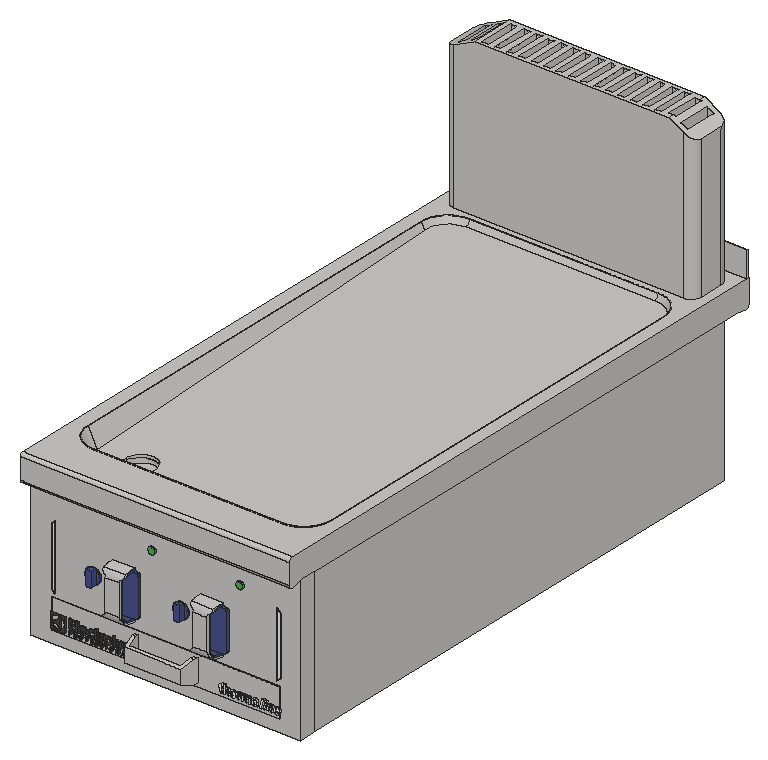
Revit family "QF_ELECTROLUXPROFESSIONAL_593107_MBHMBBDOVO", category Specialty Equipment, Revit 2014
Parameters
  Weight in Pounds = 487.22
  URL Cutsheet = ""
  Type Mark [instance] = ""
  Specification by User [instance] = ""
  Specification by Manufacturer = ""
  Serial Number = ""
  Seismic Rating = ""
  SMACNA No = ""
  Revision Code [instance] = ""
  Omniclass Number and Title = ""
  NAFEM Spec ID Number = ""
  Model = "588557"
  Masterspec = ""
  Manufacturer = "Electrolux Professional"
  Item Number [instance] = ""
  Installed By [instance] = ""
  Identify Quantity as Lot [instance] = yes
  Furnished By [instance] = ""
  Foodservice Equipment Identifier [instance] = yes
  Description = ""
  CSI MasterFormat = ""
  CSI Master Format = ""
Reference planes
  plane 1 "BACK": y = 0
  plane 2: z = 0
  plane 3 "LEFT": x = 0
  plane 4 "RIGHT": x = 400
  plane 5 "FRONT": y = -850
  plane 6 "TOP": z = 900
  plane 7 "Center (Left/Right)": x = 200
  plane 8: y = -425
  plane 9: y = -150
  plane 10: y = -65
  plane 11: y = -790
  plane 12 "GASy": y = -540
  plane 13: z = 938
  plane 14 "BaseTop": z = 650
  plane 15: y = -805
  plane 16 "Camino": y = -50
  plane 17 "GASx": x = 364
  plane 18: z = 1131
Forms (mm)
  Extrusion 1, solid, material "QF_Finishes_Stainless Steel"
    sketch origin (-178.969, -4572, 100) x (-1, 0, 0) y (0, -1, 0)
      loop
        line (-178.969, -4527) -> (-178.969, -3767) -> (-578.969, -3767) -> (-578.969, -4527) -> (-178.969, -4527)
    from 550 to 762.969
  Extrusion 2, solid, material "QF_Finishes_Stainless Steel"
    sketch origin (200, 296.4, 1219.2) x (0, 1, 0) y (0, 0, 1)
      loop
        line (-296.4, -319.2) -> (-1141.4, -319.2)
        arc (-1141.4, -319.2) -> (-1144.935, -320.664) -> (-1146.4, -324.2) r 5
        line (-1146.4, -324.2) -> (-1146.4, -355.2)
        arc (-1146.4, -355.2) -> (-1144.971, -358.264) -> (-1141.705, -359.139) r 4
        line (-1141.705, -359.139) -> (-1126.4, -356.231) -> (-316.4, -356.231) -> (-301.094, -359.139)
        arc (-301.094, -359.139) -> (-297.829, -358.264) -> (-296.4, -355.2) r 4
        line (-296.4, -355.2) -> (-296.4, -319.2)
    from -200 to 200
  Extrusion 3, void
    sketch origin (0, 0, 900) x (-1, 0, 0) y (0, -1, 0)
      loop
        arc (-60, 92) -> (-31.716, 103.716) -> (-20, 132) r 40
        line (-20, 132) -> (-20, 750)
        arc (-20, 750) -> (-31.716, 778.284) -> (-60, 790) r 40
        line (-60, 790) -> (-340, 790)
        arc (-340, 790) -> (-368.284, 778.284) -> (-380, 750) r 40
        line (-380, 750) -> (-380, 132)
        arc (-380, 132) -> (-368.284, 103.716) -> (-340, 92) r 40
        line (-340, 92) -> (-60, 92)
    from 0 to -30
  Extrusion 4, solid, material "QF_Finishes_Stainless Steel"
    sketch origin (200, 296.4, 1219.2) x (0, 1, 0) y (0, 0, 1)
      loop
        line (-296.4, -319.2) -> (-296.4, -281.2) -> (-298.4, -281.2) -> (-298.4, -319.2) -> (-296.4, -319.2)
    from 200 to -200
  Extrusion 5, solid, material "QF_Finishes_Stainless Steel"
    sketch origin (0, 0, 650) x (-1, 0, 0) y (0, -1, 0)
      loop
        circle (-364, 540) r 10.1
    from 0 to -10
  Sweep 6, solid, material "QF_Finishes_Stainless Steel"
    path origin (0, 0, 900) x (-1, 0, 0) y (0, -1, 0)
      loop
        line (-20, 132) -> (-20, 750)
        arc (-20, 750) -> (-31.716, 778.284) -> (-60, 790) r 40
        line (-60, 790) -> (-340, 790)
        arc (-340, 790) -> (-368.284, 778.284) -> (-380, 750) r 40
        line (-380, 750) -> (-380, 132)
        arc (-380, 132) -> (-368.284, 103.716) -> (-340, 92) r 40
        line (-340, 92) -> (-60, 92)
        arc (-60, 92) -> (-31.716, 103.716) -> (-20, 132) r 40
    profile origin (20, -441, 900) x (1, 0, 0) y (0, 0, 1)
      loop
        line (0, 0) -> (0, -30) -> (15, -30) -> (0, 0)
  Extrusion 7, solid, material "QF_Finishes_Stainless Steel"
    sketch origin (0, -50, 900) x (1, 0, 0) y (0, 0, 1)
      loop
        line (15, 0) -> (385, 0) -> (385, 209.869) -> (348.685, 231) -> (60.315, 231) -> (15, 209.869) -> (15, 0)
    from 33 to -33
  Extrusion 8, void
    sketch origin (0, 0, 900) x (-1, 0, 0) y (0, -1, 0)
      loop
        line (-30.312, 74) -> (-40.312, 74) -> (-40.312, 26) -> (-30.312, 26) -> (-30.312, 74)
      loop
        line (-48.547, 74) -> (-58.547, 74) -> (-58.547, 26) -> (-48.547, 26) -> (-48.547, 74)
      loop
        line (-76.781, 77) -> (-76.781, 23) -> (-66.781, 23) -> (-66.781, 77) -> (-76.781, 77)
      loop
        line (-95.015, 77) -> (-95.015, 23) -> (-85.015, 23) -> (-85.015, 77) -> (-95.015, 77)
      loop
        line (-113.25, 77) -> (-113.25, 23) -> (-103.25, 23) -> (-103.25, 77) -> (-113.25, 77)
      loop
        line (-131.484, 77) -> (-131.484, 23) -> (-121.484, 23) -> (-121.484, 77) -> (-131.484, 77)
      loop
        line (-149.719, 77) -> (-149.719, 23) -> (-139.719, 23) -> (-139.719, 77) -> (-149.719, 77)
      loop
        line (-167.953, 77) -> (-167.953, 23) -> (-157.953, 23) -> (-157.953, 77) -> (-167.953, 77)
      loop
        line (-186.187, 77) -> (-186.187, 23) -> (-176.187, 23) -> (-176.187, 77) -> (-186.187, 77)
      loop
        line (-205, 77) -> (-205, 23) -> (-195, 23) -> (-195, 77) -> (-205, 77)
      loop
        arc (-15, 32) -> (-19.393, 21.393) -> (-30, 17) r 15
        line (-30, 17) -> (-15, 17) -> (-15, 32)
      loop
        arc (-30, 83) -> (-19.393, 78.607) -> (-15, 68) r 15
        line (-15, 68) -> (-15, 83) -> (-30, 83)
      loop
        line (-369.688, 74) -> (-369.688, 26) -> (-359.688, 26) -> (-359.688, 74) -> (-369.688, 74)
      loop
        line (-351.453, 74) -> (-351.453, 26) -> (-341.453, 26) -> (-341.453, 74) -> (-351.453, 74)
      loop
        line (-323.219, 77) -> (-333.219, 77) -> (-333.219, 23) -> (-323.219, 23) -> (-323.219, 77)
      loop
        line (-304.985, 77) -> (-314.985, 77) -> (-314.985, 23) -> (-304.985, 23) -> (-304.985, 77)
      loop
        line (-286.75, 77) -> (-296.75, 77) -> (-296.75, 23) -> (-286.75, 23) -> (-286.75, 77)
      loop
        line (-268.516, 77) -> (-278.516, 77) -> (-278.516, 23) -> (-268.516, 23) -> (-268.516, 77)
      loop
        line (-250.281, 77) -> (-260.281, 77) -> (-260.281, 23) -> (-250.281, 23) -> (-250.281, 77)
      loop
        line (-232.047, 77) -> (-242.047, 77) -> (-242.047, 23) -> (-232.047, 23) -> (-232.047, 77)
      loop
        line (-213.813, 77) -> (-223.813, 77) -> (-223.813, 23) -> (-213.813, 23) -> (-213.813, 77)
      loop
        line (-385, 32) -> (-385, 17) -> (-370, 17)
        arc (-370, 17) -> (-380.607, 21.393) -> (-385, 32) r 15
      loop
        line (-370, 83) -> (-385, 83) -> (-385, 68)
        arc (-385, 68) -> (-380.607, 78.607) -> (-370, 83) r 15
    from 0 to 250
  Extrusion 9, solid, material "QF_Finishes_Stainless Steel"
    sketch origin (200, 296.4, 1219.2) x (0, 1, 0) y (0, 0, 1)
      loop
        line (-388.4, -349.2) -> (-388.4, -328.08) -> (-1086.4, -347.499) -> (-1086.4, -349.2) -> (-388.4, -349.2)
    from 180 to -180
  Extrusion 10, void
    sketch origin (0, 0, 900) x (-1, 0, 0) y (0, -1, 0)
      loop
        circle (-95, 746) r 22.248
    from -19.96 to -30
  Extrusion 11, void
    sketch origin (0, 0, 900) x (-1, 0, 0) y (0, -1, 0)
      loop
        circle (-95, 746) r 22.248
    from 0 to -37.031
Cuts and joins
  Extrusion 3, Extrusion 8, Extrusion 11 cuts Extrusion 2
  Extrusion 8 cuts Extrusion 7
  Extrusion 10 cuts Extrusion 9
  joined: Sweep 6, Extrusion 9
Lines and regions (mm)
  symbolic lines
    curve 1: line (0, 0, 100) -> (400, 0, 100)
    curve 2: line (0, -850, 100) -> (0, 0, 100)
    curve 3: line (400, -850, 100) -> (0, -850, 100)
    curve 4: line (400, 0, 100) -> (400, -850, 100)
    curve 5: line (0, -2, 0) -> (400, -2, 0)
    curve 6: line (338.029, -92, 0) -> (60.29, -92, 0)
    curve 7: line (60.29, -790, 0) -> (338.029, -790, 0)
    curve 8: line (60, -107, 900) -> (340, -107, 900)
    curve 9: line (340, -775, 900) -> (60, -775, 900)
    curve 10: arc (365, -750, 900) -> (357.678, -767.678, 900) -> (340, -775, 900) r 25
    curve 11: line (365, -132, 900) -> (365, -750, 900)
    curve 12: arc (340, -107, 900) -> (357.678, -114.322, 900) -> (365, -132, 900) r 25
    curve 13: circle (95, -746, 900) r 22.248 normal (0, 0, 1)
    curve 14: arc (85.5, -112.483, 900) -> (57.314, -124.096, 900) -> (45.5, -152.198, 900) r 39.994
    curve 15: line (85.5, -112.482, 900) -> (314.5, -112.482, 900)
    curve 16: line (45.5, -667.082, 900) -> (45.5, -152.198, 900)
    curve 17: arc (45.5, -667.082, 900) -> (57.314, -695.184, 900) -> (85.5, -706.797, 900) r 39.994
    curve 18: line (313.507, -706.798, 900) -> (85.5, -706.798, 900)
    curve 19: line (35.29, -708.526, 900) -> (365, -708.526, 900)
    curve 20: line (35.29, -718.526, 900) -> (365, -718.526, 900)
    curve 21: arc (60, -92, 900) -> (31.716, -103.716, 900) -> (20, -132, 900) r 40
    curve 22: line (20, -132, 900) -> (20, -750, 900)
    curve 23: arc (20, -750, 900) -> (31.716, -778.284, 900) -> (60, -790, 900) r 40
    curve 24: arc (340, -790, 900) -> (368.284, -778.284, 900) -> (380, -750, 900) r 40
    curve 25: line (380, -750, 900) -> (380, -132, 900)
    curve 26: arc (380, -132, 900) -> (368.284, -103.716, 900) -> (340, -92, 900) r 40
    curve 27: arc (313.5, -112.483, 900) -> (341.686, -124.096, 900) -> (353.5, -152.198, 900) r 39.994
    curve 28: line (353.5, -667.082, 900) -> (353.5, -152.198, 900)
    curve 29: arc (353.5, -667.082, 900) -> (341.688, -695.181, 900) -> (313.507, -706.797, 900) r 39.994
    curve 30: arc (60, -775, 900) -> (42.322, -767.678, 900) -> (35, -750, 900) r 25
    curve 31: line (35, -750, 900) -> (35, -132, 900)
    curve 32: arc (35, -132, 900) -> (42.322, -114.322, 900) -> (60, -107, 900) r 25
    curve 33: line (370, -17, 650) -> (30.102, -17, 650)
    curve 34: line (30.312, -74.008, 650) -> (40.312, -74.008, 650)
    curve 35: line (48.547, -74.008, 650) -> (58.547, -74.008, 650)
    curve 36: line (48.547, -26.022, 650) -> (48.547, -74.008, 650)
    curve 37: line (58.547, -26.022, 650) -> (48.547, -26.022, 650)
    curve 38: line (58.547, -74.008, 650) -> (58.547, -26.022, 650)
    curve 39: line (66.781, -23, 650) -> (66.781, -77.008, 650)
    curve 40: line (66.781, -23, 650) -> (76.781, -23, 650)
    curve 41: line (76.781, -23, 650) -> (76.781, -77.008, 650)
    curve 42: line (76.781, -77.008, 650) -> (66.781, -77.008, 650)
    curve 43: line (85.015, -23, 650) -> (85.015, -77.008, 650)
    curve 44: line (85.015, -23, 650) -> (95.015, -23, 650)
    curve 45: line (95.015, -23, 650) -> (95.015, -77.008, 650)
    curve 46: line (95.015, -77.008, 650) -> (85.015, -77.008, 650)
    curve 47: line (103.25, -23, 650) -> (103.25, -77.008, 650)
    curve 48: line (103.25, -23, 650) -> (113.25, -23, 650)
    curve 49: line (113.25, -23, 650) -> (113.25, -77.008, 650)
    curve 50: line (113.25, -77.008, 650) -> (103.25, -77.008, 650)
    curve 51: line (121.484, -23, 650) -> (121.484, -77.008, 650)
    curve 52: line (121.484, -23, 650) -> (131.484, -23, 650)
    curve 53: line (131.484, -23, 650) -> (131.484, -77.008, 650)
    curve 54: line (131.484, -77.008, 650) -> (121.484, -77.008, 650)
    curve 55: line (139.719, -23, 650) -> (139.719, -77.008, 650)
    curve 56: line (139.719, -23, 650) -> (149.719, -23, 650)
    curve 57: line (149.719, -23, 650) -> (149.719, -77.008, 650)
    curve 58: line (149.719, -77.008, 650) -> (139.719, -77.008, 650)
    curve 59: line (157.953, -23, 650) -> (157.953, -77.008, 650)
    curve 60: line (157.953, -23, 650) -> (167.953, -23, 650)
    curve 61: line (167.953, -23, 650) -> (167.953, -77.008, 650)
    curve 62: line (167.953, -77.008, 650) -> (157.953, -77.008, 650)
    curve 63: line (176.187, -23, 650) -> (176.187, -77.008, 650)
    curve 64: line (176.187, -23, 650) -> (186.187, -23, 650)
    curve 65: line (186.187, -23, 650) -> (186.187, -77.008, 650)
    curve 66: line (186.187, -77.008, 650) -> (176.187, -77.008, 650)
    curve 67: line (195, -23, 650) -> (195, -77.008, 650)
    curve 68: line (195, -23, 650) -> (205, -23, 650)
    curve 69: line (205, -23, 650) -> (205, -77.008, 650)
    curve 70: line (205, -77.008, 650) -> (195, -77.008, 650)
    curve 71: arc (15, -32, 900) -> (19.393, -21.393, 900) -> (30, -17, 900) r 15
    curve 72: line (15, -32, 900) -> (15, -68, 900)
    curve 73: arc (30, -83, 900) -> (19.393, -78.607, 900) -> (15, -68, 900) r 15
    curve 74: line (30, -83, 900) -> (370, -83, 900)
    curve 75: arc (385, -68, 900) -> (380.607, -78.607, 900) -> (370, -83, 900) r 15
    curve 76: line (385, -68, 900) -> (385, -32, 900)
    curve 77: arc (370, -17, 900) -> (380.607, -21.393, 900) -> (385, -32, 900) r 15
    curve 78: line (30.312, -26.022, 650) -> (30.312, -74.008, 650)
    curve 79: line (40.312, -26.022, 650) -> (30.312, -26.022, 650)
    curve 80: line (40.312, -74.008, 650) -> (40.312, -26.022, 650)
    curve 81: line (369.688, -74.008, 650) -> (359.688, -74.008, 650)
    curve 82: line (351.453, -74.008, 650) -> (341.453, -74.008, 650)
    curve 83: line (351.453, -26.022, 650) -> (351.453, -74.008, 650)
    curve 84: line (341.453, -26.022, 650) -> (351.453, -26.022, 650)
    curve 85: line (341.453, -74.008, 650) -> (341.453, -26.022, 650)
    curve 86: line (333.219, -23, 650) -> (333.219, -77.008, 650)
    curve 87: line (333.219, -23, 650) -> (323.219, -23, 650)
    curve 88: line (323.219, -23, 650) -> (323.219, -77.008, 650)
    curve 89: line (323.219, -77.008, 650) -> (333.219, -77.008, 650)
    curve 90: line (314.985, -23, 650) -> (314.985, -77.008, 650)
    curve 91: line (314.985, -23, 650) -> (304.985, -23, 650)
    curve 92: line (304.985, -23, 650) -> (304.985, -77.008, 650)
    curve 93: line (304.985, -77.008, 650) -> (314.985, -77.008, 650)
    curve 94: line (296.75, -23, 650) -> (296.75, -77.008, 650)
    curve 95: line (296.75, -23, 650) -> (286.75, -23, 650)
    curve 96: line (286.75, -23, 650) -> (286.75, -77.008, 650)
    curve 97: line (286.75, -77.008, 650) -> (296.75, -77.008, 650)
    curve 98: line (278.516, -23, 650) -> (278.516, -77.008, 650)
    curve 99: line (278.516, -23, 650) -> (268.516, -23, 650)
    curve 100: line (268.516, -23, 650) -> (268.516, -77.008, 650)
    curve 101: line (268.516, -77.008, 650) -> (278.516, -77.008, 650)
    curve 102: line (260.281, -23, 650) -> (260.281, -77.008, 650)
    curve 103: line (260.281, -23, 650) -> (250.281, -23, 650)
    curve 104: line (250.281, -23, 650) -> (250.281, -77.008, 650)
    curve 105: line (250.281, -77.008, 650) -> (260.281, -77.008, 650)
    curve 106: line (242.047, -23, 650) -> (242.047, -77.008, 650)
    curve 107: line (242.047, -23, 650) -> (232.047, -23, 650)
    curve 108: line (232.047, -23, 650) -> (232.047, -77.008, 650)
    curve 109: line (232.047, -77.008, 650) -> (242.047, -77.008, 650)
    curve 110: line (223.813, -23, 650) -> (223.813, -77.008, 650)
    curve 111: line (223.813, -23, 650) -> (213.813, -23, 650)
    curve 112: line (213.813, -23, 650) -> (213.813, -77.008, 650)
    curve 113: line (213.813, -77.008, 650) -> (223.813, -77.008, 650)
    curve 114: line (369.688, -26.022, 650) -> (369.688, -74.008, 650)
    curve 115: line (359.688, -26.022, 650) -> (369.688, -26.022, 650)
    curve 116: line (359.688, -74.008, 650) -> (359.688, -26.022, 650)
Dimensions and locks
  plane 3 "LEFT" to plane 4 "RIGHT" = 400 mm
  locked: plane 5 "FRONT" to plane 1 "BACK" at 850
  plane 3 "LEFT" to plane 7 "Center (Left/Right)" to plane 4 "RIGHT" = 200 mm, 200 mm
  equal spacing: plane 5 "FRONT", plane 8, plane 1 "BACK"
  plane 6 "TOP" to level = 900 mm  (x2)
  plane 1 "BACK" to plane 9 = 150 mm
  plane 12 "GASy" to plane 1 "BACK" = 540 mm
  plane 13 to plane 6 "TOP" = 38 mm
  plane 10 to plane 1 "BACK" = 65 mm
  plane 5 "FRONT" to plane 11 = 60 mm
  locked: plane 6 "TOP" to plane 14 "BaseTop" at 250
  locked: plane 15 to plane 5 "FRONT" at 45
  plane 16 "Camino" to plane 1 "BACK" = 50 mm
  plane 17 "GASx" to plane 4 "RIGHT" = 36 mm
  plane 18 to plane 6 "TOP" = 231 mm
  aligned and locked: level to plane 2
  aligned and locked: cut or joined group of Extrusion 2, Extrusion 3, Extrusion 8, Extrusion 11 to plane 3 "LEFT"
  aligned and locked: cut or joined group of Extrusion 2, Extrusion 3, Extrusion 8, Extrusion 11 to plane 4 "RIGHT"
  aligned and locked: nested 1 to plane 15
  aligned and locked: Extrusion 1 to plane 15
  aligned and locked: Extrusion 4 to plane 3 "LEFT"
  aligned and locked: Extrusion 4 to plane 4 "RIGHT"
  aligned and locked: plane 3 "LEFT" to nested 1
Automatic sketch dimensions
  curve 5 to plane 3 "LEFT" = 0 mm
  plane 11 to curve 7 = 0 mm
  curve 5 to plane 4 "RIGHT" = 0 mm
  plane 10 to curve 6 = 27 mm
  plane 3 "LEFT" to curve 6 = 60.29 mm
  plane 3 "LEFT" to curve 7 = 60.29 mm
  curve 6 to plane 17 "GASx" = 25.971 mm
  curve 7 to plane 17 "GASx" = 25.971 mm
  plane 1 "BACK" to curve 5 = 2 mm
  Extrusion 1 sketch curve to plane 4 "RIGHT" = 0 mm
  Extrusion 1 sketch curve to plane 3 "LEFT" = 0 mm
  Extrusion 1 sketch curve to plane 15 = 0 mm
  Extrusion 1 sketch curve to plane 16 "Camino" = 5 mm
  plane 1 "BACK" to curve 1 = 0 mm
  curve 1 to plane 4 "RIGHT" = 0 mm
  curve 3 to plane 3 "LEFT" = 0 mm
  plane 5 "FRONT" to curve 3 = 0 mm
  Extrusion 2 sketch curve to plane 5 "FRONT" = 0 mm
  Extrusion 2 sketch curve to plane 6 "TOP" = 0 mm
  Extrusion 2 sketch curve to plane 1 "BACK" = 0 mm
  Extrusion 2 sketch curve to Extrusion 2 sketch curve = 4 mm
  Extrusion 2 sketch curve to Extrusion 2 sketch curve = 0.695 mm
  Extrusion 2 sketch curve to plane 5 "FRONT" = 5 mm
  Extrusion 2 sketch curve to Extrusion 2 sketch curve = 15.305 mm
  plane 1 "BACK" to Extrusion 2 sketch curve = 20 mm
  plane 1 "BACK" to Extrusion 2 sketch curve = 4.695 mm
  plane 1 "BACK" to Extrusion 2 sketch curve = 4 mm
  Extrusion 2 sketch curve to Extrusion 2 sketch curve = 31 mm
  Extrusion 2 sketch curve to Extrusion 2 sketch curve = 36 mm
  Extrusion 2 sketch curve to Extrusion 2 sketch curve = 2.909 mm
  plane 11 to Extrusion 3 sketch curve = 0 mm
  plane 17 "GASx" to Extrusion 3 sketch curve = 16 mm
  Extrusion 3 sketch curve to plane 17 "GASx" = 24 mm  (x2)
  plane 3 "LEFT" to Extrusion 3 sketch curve = 60 mm  (x2)
  plane 9 to Extrusion 3 sketch curve = 18 mm
  plane 3 "LEFT" to Extrusion 3 sketch curve = 20 mm
  curve 10 to curve 24 = 0 mm  (x2)
  curve 12 to curve 26 = 0 mm  (x2)
  curve 21 to curve 32 = 0 mm  (x2)
  curve 23 to curve 30 = 0 mm  (x2)
  plane 11 to curve 24 = 0 mm
  plane 11 to curve 23 = 0 mm
  plane 4 "RIGHT" to curve 76 = 15 mm
  plane 17 "GASx" to curve 25 = 16 mm
  plane 17 "GASx" to curve 77 = 6 mm
  plane 10 to curve 75 = 3 mm
  plane 17 "GASx" to curve 75 = 6 mm
  plane 17 "GASx" to curve 11 = 1 mm
  curve 28 to plane 9 = 2.198 mm
  curve 28 to plane 17 "GASx" = 10.5 mm
  curve 10 to plane 17 "GASx" = 24 mm
  plane 9 to curve 26 = 18 mm
  curve 26 to plane 17 "GASx" = 24 mm
  curve 28 to curve 29 = 39.993 mm
  curve 27 to plane 9 = 2.477 mm
  curve 12 to curve 27 = 26.493 mm
  curve 13 to plane 11 = 44 mm
  plane 3 "LEFT" to curve 13 = 95 mm
  curve 14 to plane 9 = 2.477 mm
  plane 3 "LEFT" to curve 14 = 85.493 mm
  curve 17 to plane 12 "GASy" = 126.803 mm
  plane 3 "LEFT" to curve 17 = 85.493 mm
  curve 14 to curve 21 = 25.493 mm
  curve 13 to curve 23 = 35 mm
  curve 17 to curve 16 = 39.993 mm
  plane 9 to curve 31 = 18 mm
  plane 10 to curve 73 = 3 mm
  plane 3 "LEFT" to curve 73 = 30 mm
  curve 71 to curve 72 = 15 mm
  curve 71 to plane 16 "Camino" = 18 mm
  curve 76 to plane 16 "Camino" = 18 mm
  curve 16 to plane 9 = 2.198 mm
  curve 29 to plane 12 "GASy" = 126.803 mm
  curve 16 to plane 12 "GASy" = 127.082 mm
  curve 28 to plane 12 "GASy" = 127.082 mm
  curve 8 to curve 15 = 25.5 mm
  curve 18 to curve 29 = 0 mm
  curve 15 to curve 27 = 1 mm
  curve 18 to curve 17 = 0.007 mm
  curve 15 to curve 32 = 25.5 mm
  curve 15 to curve 14 = 0 mm
  curve 18 to curve 17 = 0 mm
  plane 3 "LEFT" to curve 19 = 35.29 mm
  curve 20 to curve 19 = 0 mm
  curve 15 to curve 27 = 0.001 mm
  curve 29 to curve 18 = 0.001 mm
  curve 19 to curve 30 = 41.474 mm
  curve 19 to curve 20 = 10 mm
  Extrusion 4 sketch curve to plane 6 "TOP" = 0 mm
  Extrusion 4 sketch curve to plane 13 = 0 mm
  Extrusion 4 sketch curve to plane 1 "BACK" = 0 mm
  Extrusion 4 sketch curve to Extrusion 4 sketch curve = 2 mm
  Extrusion 5 sketch curve to plane 12 "GASy" = 0 mm
  Extrusion 5 sketch curve to plane 17 "GASx" = 0 mm
  plane 11 to Sweep 6 sketch curve = 0 mm
  plane 17 "GASx" to Sweep 6 sketch curve = 16 mm
  Sweep 6 sketch curve to plane 17 "GASx" = 24 mm  (x2)
  plane 3 "LEFT" to Sweep 6 sketch curve = 60 mm  (x2)
  plane 10 to Sweep 6 sketch curve = 27 mm
  plane 3 "LEFT" to Sweep 6 sketch curve = 20 mm
  profile plane to Sweep 6 sketch curve = 0 mm
  Sweep 6 sketch curve to plane 6 "TOP" = 0 mm
  Sweep 6 sketch curve to profile plane = 15 mm
  Sweep 6 sketch curve to plane 6 "TOP" = 30 mm
  Extrusion 7 sketch curve to plane 6 "TOP" = 0 mm
  Extrusion 7 sketch curve to plane 18 = 0 mm
  plane 3 "LEFT" to Extrusion 7 sketch curve = 15 mm
  Extrusion 7 sketch curve to Extrusion 7 sketch curve = 45.315 mm
  Extrusion 7 sketch curve to plane 17 "GASx" = 15.315 mm
  plane 4 "RIGHT" to Extrusion 7 sketch curve = 15 mm
  Extrusion 7 sketch curve to plane 18 = 21.131 mm  (x2)
  plane 17 "GASx" to curve 115 = 5.688 mm
  curve 81 to plane 17 "GASx" = 4.312 mm
  curve 115 to curve 84 = 8.234 mm
  curve 83 to curve 84 = 10 mm
  curve 84 to curve 86 = 8.234 mm
  curve 86 to curve 88 = 10 mm
  curve 88 to curve 90 = 8.234 mm
  curve 90 to curve 92 = 10 mm
  curve 92 to curve 94 = 8.234 mm
  curve 94 to curve 95 = 10 mm
  curve 96 to curve 98 = 8.234 mm
  curve 98 to curve 100 = 10 mm
  curve 99 to curve 102 = 8.234 mm
  curve 102 to curve 104 = 10 mm
  curve 104 to curve 106 = 8.234 mm
  curve 106 to curve 108 = 10 mm
  curve 108 to curve 110 = 8.234 mm
  curve 110 to curve 112 = 10 mm
  plane 7 "Center (Left/Right)" to curve 70 = 5 mm
  curve 67 to plane 7 "Center (Left/Right)" = 5 mm
  curve 67 to curve 65 = 8.813 mm
  curve 64 to curve 63 = 10 mm
  curve 63 to curve 62 = 8.234 mm
  curve 61 to curve 62 = 10 mm
  curve 59 to curve 57 = 8.234 mm
  curve 57 to curve 58 = 10 mm
  curve 55 to curve 52 = 8.234 mm
  curve 52 to curve 51 = 10 mm
  curve 51 to curve 49 = 8.234 mm
  curve 48 to curve 48 = 10 mm
  curve 47 to curve 45 = 8.234 mm
  curve 45 to curve 46 = 10 mm
  curve 43 to curve 41 = 8.234 mm
  curve 41 to curve 42 = 10 mm
  curve 39 to curve 38 = 8.234 mm
  curve 35 to curve 36 = 10 mm
  curve 36 to curve 79 = 8.234 mm
  curve 79 to curve 78 = 10 mm
  plane 1 "BACK" to curve 68 = 23 mm
  curve 68 to curve 112 = 0 mm
  curve 65 to curve 67 = 0 mm  (x2)
  plane 1 "BACK" to curve 86 = 23 mm
  plane 1 "BACK" to curve 39 = 23 mm
  curve 110 to curve 108 = 0 mm  (x2)
  curve 40 to curve 43 = 0 mm
  curve 106 to curve 104 = 0 mm  (x2)
  curve 44 to curve 47 = 0 mm
  curve 102 to curve 100 = 0 mm  (x2)
  curve 48 to curve 51 = 0 mm
  curve 98 to curve 96 = 0 mm  (x2)
  curve 52 to curve 55 = 0 mm
  curve 94 to curve 92 = 0 mm  (x2)
  curve 56 to curve 59 = 0 mm
  curve 39 to curve 37 = 3.022 mm
  curve 86 to curve 85 = 3.022 mm
  curve 83 to curve 114 = 0 mm
  curve 80 to curve 36 = 0 mm
  plane 10 to curve 78 = 9.008 mm
  plane 10 to curve 81 = 9.008 mm
  curve 82 to curve 81 = 0 mm
  curve 34 to curve 35 = 0 mm
  plane 10 to curve 62 = 12.008 mm
  plane 10 to curve 88 = 12.008 mm
  curve 90 to curve 88 = 0 mm
  plane 10 to curve 58 = 12.008 mm
  plane 10 to curve 54 = 12.008 mm
  plane 10 to curve 50 = 12.008 mm
  plane 10 to curve 46 = 12.008 mm
  curve 35 to curve 42 = 3 mm
  curve 61 to curve 63 = 0 mm
  plane 17 "GASx" to curve 33 = 6 mm
  curve 78 to curve 33 = 0.21 mm
  curve 33 to curve 114 = 9.022 mm
  plane 4 "RIGHT" to Extrusion 8 sketch curve = 15 mm  (x2)
  plane 10 to Extrusion 8 sketch curve = 3 mm  (x2)
  plane 17 "GASx" to Extrusion 8 sketch curve = 6 mm  (x2)
  plane 17 "GASx" to Extrusion 8 sketch curve = 5.688 mm
  Extrusion 8 sketch curve to plane 17 "GASx" = 4.312 mm
  Extrusion 8 sketch curve to Extrusion 8 sketch curve = 8.234 mm  (x16)
  Extrusion 8 sketch curve to Extrusion 8 sketch curve = 10 mm  (x17)
  plane 7 "Center (Left/Right)" to Extrusion 8 sketch curve = 5 mm
  Extrusion 8 sketch curve to plane 7 "Center (Left/Right)" = 5 mm
  Extrusion 8 sketch curve to Extrusion 8 sketch curve = 8.813 mm
  Extrusion 8 sketch curve to Extrusion 8 sketch curve = 0.312 mm  (x2)
  plane 3 "LEFT" to Extrusion 8 sketch curve = 15 mm  (x2)
  Extrusion 8 sketch curve to plane 16 "Camino" = 18 mm  (x2)
  Extrusion 8 sketch curve to Extrusion 8 sketch curve = 6 mm  (x4)
  Extrusion 8 sketch curve to Extrusion 8 sketch curve = 0 mm  (x21)
  plane 1 "BACK" to Extrusion 8 sketch curve = 23 mm  (x3)
  plane 10 to Extrusion 8 sketch curve = 9 mm
  plane 10 to Extrusion 8 sketch curve = 12 mm  (x8)
  Extrusion 8 sketch curve to Extrusion 8 sketch curve = 3 mm
  Extrusion 10 sketch curve to plane 11 = 44 mm
  plane 3 "LEFT" to Extrusion 10 sketch curve = 95 mm
  Extrusion 11 sketch curve to plane 11 = 44 mm
  plane 3 "LEFT" to Extrusion 11 sketch curve = 95 mm
  Extrusion 9 sketch curve to plane 11 = 0 mm
  plane 10 to Extrusion 9 sketch curve = 27 mm
  Extrusion 9 sketch curve to plane 6 "TOP" = 30 mm
  Extrusion 9 sketch curve to plane 6 "TOP" = 8.88 mm
  Extrusion 9 sketch curve to Extrusion 9 sketch curve = 1.701 mm
  radius of curve 13 = 22.248 mm
  radius of Extrusion 5 sketch curve = 10.1 mm
  radius of Extrusion 10 sketch curve = 22.248 mm
  radius of Extrusion 11 sketch curve = 22.248 mm
Nested families
  nested 1: "Front_Panel_W400_Two Knobs_2Spie_Manop" at (52.376, -805, 0), type "Front_Panel_W400_Two Knobs_2Spie_Manop"
Connectors
  piping at (364, -540, 640), diameter 12.7
    settings: on Extrusion 5, index 1, connector inside diameter 24", connector length 0 mm, flow factor 0, pipe flow 0 GPM, pressure drop 0.00 psi, fitting loss kfactor 0, connector angle 0.00°, fixture units 0, engagement length 0 mm, angle of deflection 0.00°, flow configuration 1, flow direction 1, fitting loss method 0, system type 7, joint type 0, gender type 0, connector reference index -1, connector utility 0, adjustable connector no, is connector primary yes, connector description "Gas connection"
Definition of nested family "Front_Panel_W400_Two Knobs_2Spie_Manop"
  Reference planes
    plane 1 "Center (Front/Back)": y = 0
    plane 2: z = 0
    plane 3 "Center (Left/Right)": x = 147.624
    plane 4 "Left": x = -52.376
    plane 5 "Right": x = 347.624
    plane 6: y = -45
    plane 7: x = 107.624
    plane 8: y = -310
    plane 9 "Panel": y = -25
    plane 10: x = 317.624
    plane 11: x = -22.376
  Forms (mm)
    Extrusion 1, solid, material "QF_Finishes_Stainless Steel"
      sketch origin (833.217, 829.203, -1.25) x (0, 1, 0) y (0, 0, 1)
        loop
          line (-854.203, 651.25) -> (-829.203, 651.25) -> (-829.203, 864.25) -> (-854.203, 864.25) -> (-854.203, 651.25)
      from -885.593 to -485.593
    Extrusion 2, void
      sketch origin (0, -25, -10) x (0, 0, 1) y (-1, 0, 0)
        loop
          line (731.866, -317.624) -> (818.866, -317.624) -> (823.866, -312.624) -> (726.866, -312.624) -> (731.866, -317.624)
        loop
          line (731.866, 22.376) -> (726.866, 17.376) -> (823.866, 17.376) -> (818.866, 22.376) -> (731.866, 22.376)
      from 0 to -2
    Extrusion 3, void
      sketch origin (0, 0, 0) x (1, 0, 0) y (0, 0, 1)
        loop
          line (-22.376, 711.866) -> (-22.376, 666.866) -> (317.624, 666.866) -> (317.624, 711.866) -> (-22.376, 711.866)
      from 19.387 to 25
    Extrusion 4, solid, material "QF_Finishes_Stainless Steel"
      sketch origin (0, 0, 0) x (1, 0, 0) y (0, 0, 1)
        loop
          line (-21.376, 710.866) -> (-21.376, 667.866) -> (316.624, 667.866) -> (316.624, 710.866) -> (-21.376, 710.866)
      from 19.387 to 25
    Extrusion 5, solid, material "QF_Finishes_Stainless Steel"
      sketch origin (0, 0, 0) x (1, 0, 0) y (0, 1, 0)
        loop
          line (106.059, -25) -> (100.966, -25) -> (105.646, -49.075) -> (189.603, -49.075) -> (194.283, -25) -> (189.189, -25) -> (185.481, -44.075) -> (109.767, -44.075) -> (106.059, -25)
      from 672.593 to 705.67
    Extrusion 6, void
      sketch origin (147.624, 0, 0) x (0, 1, 0) y (0, 0, 1)
        loop
          line (-30, 705.67) -> (-30, 710.67) -> (-56.744, 710.67) -> (-56.744, 667.593) -> (-30, 667.593) -> (-30, 672.593) -> (-53.776, 680.318) -> (-53.776, 697.945) -> (-30, 705.67)
      from -50 to 50
    Extrusion 7, solid, material "QF_Door-Drawer Clearances", detail levels coarse
      sketch origin (0, -265, 0) x (1, 0, 0) y (0, 1, 0)
        loop
          line (106.164, -71.744) -> (189.084, -71.744) -> (194.283, -45) -> (316.624, -45) -> (316.624, 240) -> (-21.376, 240) -> (-21.376, -45) -> (100.966, -45) -> (106.164, -71.744)
      from 672.593 to 705.67
    Extrusion 8, void
      sketch origin (147.624, -280, 0) x (0, 1, 0) y (0, 0, 1)
        loop
          line (-30, 705.67) -> (-30, 710.67) -> (-56.744, 710.67) -> (-56.744, 667.593) -> (-30, 667.593) -> (-30, 672.593) -> (-53.776, 680.318) -> (-53.776, 697.945) -> (-30, 705.67)
      from -50 to 50
    Extrusion 9, solid, material "QF_Finishes_Green"
      sketch origin (160, -25, 1.163) x (0, 0, 1) y (-1, 0, 0)
        loop
          circle (824.337, 32.376) r 5
      from 0 to 1.7
    Extrusion 10, solid, material "QF_Finishes_White"
      sketch origin (0, -25, -10) x (0, 0, 1) y (-1, 0, 0)
        loop
          line (726.866, -312.624) -> (731.866, -317.624) -> (818.866, -317.624) -> (823.866, -312.624) -> (726.866, -312.624)
        loop
          line (726.866, 17.376) -> (823.866, 17.376) -> (818.866, 22.376) -> (731.866, 22.376) -> (726.866, 17.376)
      from 0 to -2
    Extrusion 11, solid, material "QF_Finishes_Green"
      sketch origin (290.724, -25, 1.163) x (0, 0, 1) y (-1, 0, 0)
        loop
          circle (824.337, 32.376) r 5
      from 0 to 1.7
    Extrusion 12, solid, material "QF_Finishes_Electrolux Cyan"
      sketch origin (0, -25, 0) x (0, 0, 1) y (-1, 0, 0)
        loop
          circle (761.979, -41.048) r 11.5
      from 1.492 to 2.716
    Extrusion 13, solid, material "QF_Finishes_Stainless Steel"
      sketch origin (0.059, -25, 0.001) x (0, 0, 1) y (-1, 0, 0)
        loop
          circle (761.978, -40.989) r 8.098
      from 0 to 1.492
    Extrusion 14, solid, material "QF_Finishes_Electrolux Cyan"
      sketch origin (0, -25, 0) x (0, 0, 1) y (-1, 0, 0)
        loop
          arc (772.562, -45.548) -> (773.479, -41.048) -> (772.562, -36.548) r 11.5
          line (772.562, -36.548) -> (751.396, -36.548)
          arc (751.396, -36.548) -> (750.479, -41.048) -> (751.396, -45.548) r 11.5
          line (751.396, -45.548) -> (772.562, -45.548)
      from 1.492 to 10
    Extrusion 15, solid, material "QF_Finishes_Electrolux Cyan"
      sketch origin (0, -25, 0) x (0, 0, 1) y (-1, 0, 0)
        loop
          circle (761.979, -171.771) r 11.5
      from 1.492 to 2.716
    Extrusion 16, solid, material "QF_Finishes_Stainless Steel"
      sketch origin (130.782, -25, 0.001) x (0, 0, 1) y (-1, 0, 0)
        loop
          circle (761.978, -40.989) r 8.098
      from 0 to 1.492
    Extrusion 17, solid, material "QF_Finishes_Electrolux Cyan"
      sketch origin (0, -25, 0) x (0, 0, 1) y (-1, 0, 0)
        loop
          arc (772.562, -176.271) -> (773.479, -171.771) -> (772.562, -167.271) r 11.5
          line (772.562, -167.271) -> (751.396, -167.271)
          arc (751.396, -167.271) -> (750.479, -171.771) -> (751.396, -176.271) r 11.5
          line (751.396, -176.271) -> (772.562, -176.271)
      from 1.492 to 10
  Cuts and joins
    Extrusion 2, Extrusion 3 cuts Extrusion 1
    Extrusion 6, Extrusion 8 cuts Extrusion 5
    Extrusion 8 cuts Extrusion 7
  Lines and regions (mm)
    symbolic lines, style "SpecialityEquipmentHiddenLines"
      curve 1: line (31.124, -45, 0) -> (31.124, -310, 0)
      curve 2: line (31.124, -310, 0) -> (269.124, -310, 0)
      curve 3: line (100.966, -310, 0) -> (105.646, -334.075, 0)
      curve 4: line (105.646, -334.075, 0) -> (189.603, -334.075, 0)
      curve 5: line (189.603, -334.075, 0) -> (194.283, -310, 0)
      curve 6: line (269.124, -310, 0) -> (269.124, -45, 0)
      curve 7: line (31.124, -300, 0) -> (269.124, -300, 0)
      curve 8: line (106.059, -310, 0) -> (109.767, -329.075, 0)
      curve 9: line (109.767, -329.075, 0) -> (185.481, -329.075, 0)
      curve 10: line (185.481, -329.075, 0) -> (189.189, -310, 0)
  Dimensions and locks
    equal spacing: plane 5 "Right", plane 3 "Center (Left/Right)", plane 4 "Left"
    plane 5 "Right" to plane 4 "Left" = 400 mm
    plane 3 "Center (Left/Right)" to plane 7 = 40 mm
    plane 6 to plane 8 = 265 mm
    plane 11 to plane 4 "Left" = 30 mm
    plane 5 "Right" to plane 10 = 30 mm
    aligned and locked: cut or joined group of Extrusion 1, Extrusion 2, Extrusion 3 to plane 4 "Left"
    aligned and locked: plane 5 "Right" to cut or joined group of Extrusion 1, Extrusion 2, Extrusion 3
  Automatic sketch dimensions
    plane 6 to curve 1 = 0 mm
    curve 1 to plane 8 = 0 mm
    plane 6 to curve 6 = 0 mm
    plane 11 to curve 1 = 53.5 mm
    curve 3 to plane 7 = 1.979 mm
    plane 7 to curve 8 = 2.143 mm
    plane 3 "Center (Left/Right)" to curve 10 = 37.857 mm
    curve 9 to curve 5 = 4.122 mm
    curve 2 to plane 10 = 48.5 mm
    curve 9 to plane 8 = 19.075 mm
    curve 5 to curve 9 = 5 mm
    curve 3 to plane 7 = 6.658 mm
    curve 8 to plane 7 = 1.565 mm
    curve 9 to curve 10 = 3.708 mm
    curve 10 to curve 5 = 5.094 mm
    plane 8 to curve 7 = 10 mm
    Extrusion 1 sketch curve to plane 9 "Panel" = 0 mm
    Extrusion 1 sketch curve to plane 1 "Center (Front/Back)" = 0 mm
    level to Extrusion 1 sketch curve = 650 mm
    Extrusion 1 sketch curve to Extrusion 1 sketch curve = 213 mm
    Extrusion 2 sketch curve to plane 10 = 0 mm
    Extrusion 2 sketch curve to plane 11 = 0 mm
    plane 11 to Extrusion 2 sketch curve = 5 mm
    level to Extrusion 2 sketch curve = 716.866 mm
    Extrusion 2 sketch curve to plane 10 = 5 mm
    Extrusion 2 sketch curve to Extrusion 2 sketch curve = 0 mm
    Extrusion 2 sketch curve to Extrusion 2 sketch curve = 5 mm  (x4)
    Extrusion 2 sketch curve to Extrusion 2 sketch curve = 87 mm  (x2)
    Extrusion 3 sketch curve to plane 11 = 0 mm
    Extrusion 3 sketch curve to plane 10 = 0 mm
    level to Extrusion 3 sketch curve = 666.866 mm
    Extrusion 3 sketch curve to Extrusion 3 sketch curve = 45 mm
    plane 11 to Extrusion 4 sketch curve = 1 mm
    Extrusion 4 sketch curve to plane 10 = 1 mm
    level to Extrusion 4 sketch curve = 667.866 mm
    Extrusion 4 sketch curve to Extrusion 4 sketch curve = 43 mm
    plane 9 "Panel" to Extrusion 5 sketch curve = 0 mm  (x2)
    Extrusion 5 sketch curve to plane 7 = 6.658 mm
    Extrusion 5 sketch curve to plane 7 = 1.979 mm
    Extrusion 5 sketch curve to plane 7 = 1.565 mm
    Extrusion 5 sketch curve to plane 6 = 0.925 mm
    plane 7 to Extrusion 5 sketch curve = 2.143 mm
    plane 3 "Center (Left/Right)" to Extrusion 5 sketch curve = 37.857 mm
    Extrusion 5 sketch curve to Extrusion 5 sketch curve = 3.708 mm
    Extrusion 5 sketch curve to Extrusion 5 sketch curve = 4.122 mm
    Extrusion 5 sketch curve to Extrusion 5 sketch curve = 5.094 mm
    plane 6 to Extrusion 5 sketch curve = 4.075 mm
    plane 6 to Extrusion 6 sketch curve = 11.744 mm
    plane 6 to Extrusion 6 sketch curve = 8.776 mm
    plane 9 "Panel" to Extrusion 6 sketch curve = 5 mm  (x2)
    level to Extrusion 6 sketch curve = 667.593 mm
    Extrusion 6 sketch curve to Extrusion 6 sketch curve = 5 mm
    Extrusion 6 sketch curve to Extrusion 6 sketch curve = 12.725 mm  (x2)
    Extrusion 6 sketch curve to Extrusion 6 sketch curve = 17.627 mm
    Extrusion 6 sketch curve to Extrusion 6 sketch curve = 7.725 mm
    plane 9 "Panel" to Extrusion 7 sketch curve = 0 mm
    Extrusion 7 sketch curve to plane 8 = 0 mm  (x2)
    plane 11 to Extrusion 7 sketch curve = 1 mm
    Extrusion 7 sketch curve to plane 7 = 6.658 mm
    Extrusion 7 sketch curve to plane 7 = 1.46 mm
    plane 3 "Center (Left/Right)" to Extrusion 7 sketch curve = 41.46 mm
    Extrusion 7 sketch curve to Extrusion 7 sketch curve = 5.199 mm
    Extrusion 7 sketch curve to plane 10 = 1 mm
    Extrusion 7 sketch curve to plane 8 = 26.744 mm
    Extrusion 8 sketch curve to plane 8 = 0 mm  (x2)
    Extrusion 8 sketch curve to plane 8 = 23.776 mm
    Extrusion 8 sketch curve to Extrusion 8 sketch curve = 2.968 mm
    level to Extrusion 8 sketch curve = 667.593 mm
    Extrusion 8 sketch curve to Extrusion 8 sketch curve = 5 mm
    Extrusion 8 sketch curve to Extrusion 8 sketch curve = 12.725 mm  (x2)
    Extrusion 8 sketch curve to Extrusion 8 sketch curve = 17.627 mm
    Extrusion 8 sketch curve to Extrusion 8 sketch curve = 7.725 mm
    Extrusion 9 sketch curve to plane 3 "Center (Left/Right)" = 20 mm
    level to Extrusion 9 sketch curve = 825.5 mm
    Extrusion 10 sketch curve to plane 10 = 0 mm
    Extrusion 10 sketch curve to plane 11 = 0 mm
    Extrusion 10 sketch curve to plane 10 = 5 mm
    level to Extrusion 10 sketch curve = 716.866 mm
    plane 11 to Extrusion 10 sketch curve = 5 mm
    Extrusion 10 sketch curve to Extrusion 10 sketch curve = 0 mm
    Extrusion 10 sketch curve to Extrusion 10 sketch curve = 5 mm  (x4)
    Extrusion 10 sketch curve to Extrusion 10 sketch curve = 87 mm  (x2)
    Extrusion 11 sketch curve to plane 10 = 59.276 mm
    level to Extrusion 11 sketch curve = 825.5 mm
    plane 11 to Extrusion 13 sketch curve = 63.424 mm
    level to Extrusion 13 sketch curve = 761.979 mm
    plane 3 "Center (Left/Right)" to Extrusion 16 sketch curve = 24.147 mm
    level to Extrusion 16 sketch curve = 761.979 mm
    plane 11 to Extrusion 12 sketch curve = 63.424 mm
    level to Extrusion 12 sketch curve = 761.979 mm
    Extrusion 14 sketch curve to Extrusion 14 sketch curve = 0 mm  (x3)
    plane 11 to Extrusion 14 sketch curve = 58.924 mm
    level to Extrusion 14 sketch curve = 751.396 mm
    Extrusion 14 sketch curve to Extrusion 14 sketch curve = 10.583 mm  (x2)
    Extrusion 14 sketch curve to Extrusion 14 sketch curve = 4.5 mm
    plane 3 "Center (Left/Right)" to Extrusion 15 sketch curve = 24.147 mm
    level to Extrusion 15 sketch curve = 761.979 mm
    Extrusion 17 sketch curve to Extrusion 17 sketch curve = 0 mm  (x3)
    plane 3 "Center (Left/Right)" to Extrusion 17 sketch curve = 19.647 mm
    level to Extrusion 17 sketch curve = 751.396 mm
    Extrusion 17 sketch curve to Extrusion 17 sketch curve = 10.583 mm  (x2)
    Extrusion 17 sketch curve to Extrusion 17 sketch curve = 4.5 mm
    radius of Extrusion 9 sketch curve = 5 mm
    radius of Extrusion 11 sketch curve = 5 mm
    radius of Extrusion 13 sketch curve = 8.098 mm
    radius of Extrusion 16 sketch curve = 8.098 mm
    radius of Extrusion 12 sketch curve = 11.5 mm
    radius of Extrusion 15 sketch curve = 11.5 mm
  Nested families
    nested 1: "Range Control Handle" at (87.624, -28.137, -209.113) x (-1, 0, 0) z (0, 0, 1), type "Range Control Handle"
    nested 2: "Range Control Handle" at (217.624, -28.137, -209.113), type "Range Control Handle"
    nested 3: "ELX_ThermaLine_Small" at (269.031, -25, 679.342) x (1, 0, 0) z (0, -1, 0), type "ELX_ThermaLine_Small"
      with Show Logo yes, Material_Logo QF_Finishes_Black
    nested 4: "ELX_Professional_Logo_Small" at (37.11, -25, 681.575) x (1, 0, 0) z (0, -1, 0), type "ELX_Professional_Logo_Small"
      with Show Logo yes, Material_Logo QF_Finishes_Black
  Definition of nested family "Range Control Handle"
    Reference planes
      plane 1 "Center (Front/Back)": y = 0
      plane 2: z = 0
      plane 3 "Center (Left/Right)": x = 0
      plane 4: z = 971.092
      plane 5: y = -16.9
    Forms (mm)
      Extrusion 1, solid, material "QF_Finishes_Electrolux Cyan"
        sketch origin (-746.28, 380.497, 208.931) x (-1, 0, 0) y (0, 0, 1)
          loop
            line (-770.101, 786.798) -> (-770.101, 731.649)
            arc (-770.101, 731.649) -> (-769.759, 730.563) -> (-768.855, 729.87) r 1.893
            line (-768.855, 729.87) -> (-763.474, 727.911) -> (-729.81, 727.911) -> (-724.428, 729.87)
            arc (-724.428, 729.87) -> (-723.525, 730.563) -> (-723.183, 731.649) r 1.893
            line (-723.183, 731.649) -> (-723.183, 786.798)
            arc (-723.183, 786.798) -> (-723.529, 787.894) -> (-724.44, 788.593) r 1.91
            line (-724.44, 788.593) -> (-729.683, 790.819) -> (-763.601, 790.819) -> (-768.844, 788.593)
            arc (-768.844, 788.593) -> (-769.755, 787.894) -> (-770.101, 786.798) r 1.91
        from -382.35 to -378.852
      Sweep 2, solid, material "QF_Finishes_Electrolux Cyan"
        path origin (-746.788, 380.496, 208.091) x (0, -1, 0) y (0, 0, 1)
          loop
            line (379.775, 793.281) -> (395.661, 791.048)
            arc (395.661, 791.048) -> (397.781, 787.377) -> (398.517, 783.202) r 12.207
            line (398.517, 783.202) -> (398.517, 737.368)
            arc (398.517, 737.368) -> (397.781, 733.193) -> (395.661, 729.522) r 12.207
            line (395.661, 729.522) -> (379.775, 727.289)
        profile origin (-746.788, -7.222, 1000.256) x (0, -0.139173, 0.990268) y (-1, 0, 0)
          loop
            line (0.782, -763.123) -> (0.782, -730.907) -> (-1.322, -730.907) -> (-1.322, -763.123) -> (0.782, -763.123)
      Sweep 3, solid, material "QF_Finishes_Stainless Steel"
        path origin (-746.788, 380.715, 207.832) x (0, -1, 0) y (0, 0, 1)
          loop
            line (380.478, 795.442) -> (397.218, 793.09)
            arc (397.218, 793.09) -> (399.929, 788.473) -> (400.871, 783.202) r 15.207
            line (400.871, 783.202) -> (400.871, 737.584)
            arc (400.871, 737.584) -> (399.914, 732.274) -> (397.164, 727.633) r 15.207
            line (397.164, 727.633) -> (380.601, 725.305)
        profile origin (-746.788, -8.132, 1002.099) x (0, -0.139173, 0.990268) y (-1, 0, 0)
          loop
            line (0.782, -763.123) -> (0.782, -730.907) -> (-1.322, -730.907) -> (-1.322, -763.123) -> (0.782, -763.123)
      Extrusion 4, void
        sketch origin (889.253, 220.666, 207.993) x (1, 0, 0) y (0, 0, 1)
          loop
            line (-943.038, 816.854) -> (-943.038, 703.686) -> (-899.466, 734.196) -> (-899.466, 786.344) -> (-943.038, 816.854)
        from 230.636 to 242.25
      Extrusion 5, void
        sketch origin (-888.8, 220.666, 207.993) x (-1, 0, 0) y (0, 0, -1)
          loop
            line (-943.038, -816.854) -> (-899.466, -786.344) -> (-899.466, -734.196) -> (-943.038, -703.686) -> (-943.038, -816.854)
        from 230.636 to 242.25
      Extrusion 6, solid, material "QF_Finishes_Electrolux Cyan"
        sketch origin (0, 0, 0) x (1, 0, 0) y (0, 0, 1)
          loop
            circle (0, 971.092) r 7.736
        from -3.137 to -1.645
    Cuts and joins
      Extrusion 4, Extrusion 5 cuts Sweep 3
      Extrusion 4, Extrusion 5 cuts Sweep 2
      joined: Extrusion 1, Extrusion 6
    Lines and regions (mm)
      symbolic lines
        curve 1: line (16.334, -16.9, 0) -> (16.334, -19.227, 0)
        curve 2: spline (16.334, -19.227, 0) -> (15.87, -19.385, 0) -> (15.404, -19.536, 0) -> (14.936, -19.678, 0) -> (14.466, -19.813, 0) -> (13.995, -19.94, 0) -> (13.523, -20.059, 0) -> (13.049, -20.171, 0) -> (12.575, -20.274, 0) -> (12.099, -20.37, 0) -> (11.622, -20.458, 0) -> (11.144, -20.537, 0) -> (10.666, -20.609, 0)
        curve 3: line (10.666, -16.9, 0) -> (10.666, -20.938, 0)
        curve 4: line (-10.213, -20.938, 0) -> (10.666, -20.938, 0)
        curve 5: line (-10.213, -20.938, 0) -> (-10.213, -16.9, 0)
        curve 6: spline (-10.213, -20.609, 0) -> (-10.691, -20.537, 0) -> (-11.169, -20.458, 0) -> (-11.646, -20.37, 0) -> (-12.122, -20.274, 0) -> (-12.597, -20.171, 0) -> (-13.07, -20.059, 0) -> (-13.542, -19.94, 0) -> (-14.013, -19.813, 0) -> (-14.483, -19.678, 0) -> (-14.951, -19.536, 0) -> (-15.417, -19.385, 0) -> (-15.881, -19.227, 0)
        curve 7: line (-15.881, -19.227, 0) -> (-15.881, -16.9, 0)
  Definition of nested family "ELX_ThermaLine_Small"
    Parameters (values of type "ELX_ThermaLine_Small")
      Show Logo [instance] = yes
      Material_Logo [instance] = QF_Finishes_Black
      Default Elevation = 0 mm
    Reference planes
      plane 1 "Centro (Fronte/Retro)": y = 0
      plane 2: z = 0
      plane 3 "Centro (Sinistra/Destra)": x = 0
    Forms (mm)
      Extrusion 1, solid
        sketch origin (0, 0, 0) x (1, 0, 0) y (0, 1, 0)
          loop
            line (-1219.2, 1219.2) -> (-1219.2, -1219.2) -> (1219.2, -1219.2) -> (1219.2, 1219.2) -> (-1219.2, 1219.2)
        from 0 to -304.8
      Extrusion 2, solid, material "QF_Finishes_White"
        sketch origin (0, 0, 0) x (1, 0, 0) y (0, 1, 0)
          loop
            line (-37.494, 1.229) -> (-35.908, 1.229) -> (-35.908, 3.066) -> (-37.494, 3.066) -> (-37.494, 6.221) -> (-39.867, 4.881) -> (-39.867, 3.066) -> (-40.969, 3.066) -> (-40.969, 1.229) -> (-39.867, 1.229) -> (-39.867, -3.407)
            arc (-39.867, -3.407) -> (-38.982, -5.513) -> (-36.751, -6.001) r 2.478
            line (-36.751, -6.001) -> (-35.638, -5.7) -> (-35.9, -3.835) -> (-36.661, -4.039)
            arc (-36.661, -4.039) -> (-37.236, -3.924) -> (-37.494, -3.399) r 0.662
            line (-37.494, -3.399) -> (-37.494, 1.229)
          loop
            line (-34.242, 6.539) -> (-34.242, -5.848) -> (-31.854, -5.848) -> (-31.854, -0.078)
            arc (-31.854, -0.078) -> (-30.939, 1.249) -> (-29.33, 1.367) r 1.866
            arc (-29.33, 1.367) -> (-28.695, 0.768) -> (-28.461, -0.073) r 1.627
            line (-28.461, -0.073) -> (-28.461, -5.848) -> (-26.086, -5.848) -> (-26.064, -0.46)
            arc (-26.064, -0.46) -> (-26.261, 0.932) -> (-26.786, 2.237) r 5.825
            arc (-26.786, 2.237) -> (-29.381, 3.264) -> (-31.854, 1.971) r 3.353
            line (-31.854, 1.971) -> (-31.854, 6.539) -> (-34.242, 6.539)
          loop
            arc (-18.398, -0.598) -> (-18.893, 0.879) -> (-20.326, 1.487) r 1.897
            arc (-20.326, 1.487) -> (-21.461, 0.708) -> (-21.897, -0.598) r 2.164
            line (-21.897, -0.598) -> (-18.398, -0.598)
          loop
            arc (-16.021, -2.044) -> (-16.754, 1.227) -> (-19.444, 3.226) r 4.814
            arc (-19.444, 3.226) -> (-22.137, 2.788) -> (-23.943, 0.743) r 4.054
            arc (-23.943, 0.743) -> (-24.382, -1.249) -> (-24.162, -3.276) r 6.289
            arc (-24.162, -3.276) -> (-23.302, -4.71) -> (-21.958, -5.705) r 4.28
            arc (-21.958, -5.705) -> (-18.558, -5.814) -> (-16.152, -3.409) r 4.28
            line (-16.152, -3.409) -> (-18.5, -2.995)
            arc (-18.5, -2.995) -> (-19.273, -3.994) -> (-20.533, -4.076) r 1.536
            arc (-20.533, -4.076) -> (-21.56, -3.281) -> (-21.958, -2.044) r 2.197
            line (-21.958, -2.044) -> (-16.021, -2.044)
          loop
            line (-14.165, -5.848) -> (-11.819, -5.848) -> (-11.819, -2.138)
            arc (-11.819, -2.138) -> (-11.787, -1.156) -> (-11.637, -0.185) r 8.18
            arc (-11.637, -0.185) -> (-10.644, 0.972) -> (-9.132, 0.776) r 1.603
            line (-9.132, 0.776) -> (-8.419, 2.846)
            arc (-8.419, 2.846) -> (-10.432, 3.118) -> (-11.994, 1.821) r 2.527
            line (-11.994, 1.821) -> (-11.994, 3.094) -> (-14.165, 3.094) -> (-14.165, -5.848)
          loop
            line (-7.579, 3.094) -> (-7.579, -5.848) -> (-5.178, -5.848) -> (-5.178, -0.756)
            arc (-5.178, -0.756) -> (-4.727, 0.679) -> (-3.417, 1.419) r 2.05
            arc (-3.417, 1.419) -> (-2.499, 0.908) -> (-2.155, -0.085) r 1.471
            line (-2.155, -0.085) -> (-2.155, -5.848) -> (0.23, -5.848) -> (0.23, -1.001)
            arc (0.23, -1.001) -> (0.47, 0.127) -> (1.148, 1.061) r 2.775
            arc (1.148, 1.061) -> (2.225, 1.329) -> (3.05, 0.587) r 1.182
            arc (3.05, 0.587) -> (3.199, -0.019) -> (3.214, -0.642) r 2.894
            line (3.214, -0.642) -> (3.214, -5.848) -> (5.601, -5.848) -> (5.601, 0.261)
            arc (5.601, 0.261) -> (4.87, 2.263) -> (2.976, 3.241) r 2.932
            arc (2.976, 3.241) -> (1.284, 2.973) -> (-0.047, 1.896) r 3.309
            arc (-0.047, 1.896) -> (-1.116, 2.865) -> (-2.506, 3.258) r 3.16
            arc (-2.506, 3.258) -> (-4.105, 2.942) -> (-5.376, 1.92) r 3.419
            line (-5.376, 1.92) -> (-5.376, 3.094) -> (-7.579, 3.094)
          loop
            line (7.583, 0.738) -> (9.702, 0.364)
            arc (9.702, 0.364) -> (11.441, 1.492) -> (12.855, -0.023) r 1.613
            line (12.855, -0.023) -> (9.782, -0.789)
            arc (9.782, -0.789) -> (8.559, -1.346) -> (7.617, -2.305) r 3.687
            arc (7.617, -2.305) -> (7.499, -3.681) -> (7.901, -5.003) r 3.651
            arc (7.901, -5.003) -> (9.107, -5.766) -> (10.515, -6.006) r 3.635
            arc (10.515, -6.006) -> (11.898, -5.697) -> (13.067, -4.895) r 3.734
            line (13.067, -4.895) -> (13.376, -5.848) -> (15.75, -5.848) -> (15.212, -4.193) -> (15.212, 0.38)
            arc (15.212, 0.38) -> (14.897, 1.849) -> (13.818, 2.895) r 2.585
            arc (13.818, 2.895) -> (11.792, 3.442) -> (9.719, 3.11) r 5.005
            arc (9.719, 3.11) -> (8.369, 2.178) -> (7.583, 0.738) r 3.54
          loop
            line (19.723, -5.848) -> (22.233, -5.848) -> (24.854, 6.484) -> (22.345, 6.484) -> (19.723, -5.848)
          loop
            line (24.583, -5.848) -> (26.953, -5.848) -> (28.848, 3.066) -> (26.478, 3.066) -> (24.583, -5.848)
          loop
            line (27.204, 6.484) -> (26.741, 4.305) -> (29.111, 4.305) -> (29.575, 6.484) -> (27.204, 6.484)
          loop
            line (29.355, -5.848) -> (31.849, -5.848) -> (33.098, 0.028)
            arc (33.098, 0.028) -> (34.169, 1.306) -> (35.832, 1.422) r 2.132
            arc (35.832, 1.422) -> (36.324, 0.752) -> (36.383, -0.078) r 1.5
            line (36.383, -0.078) -> (35.157, -5.848) -> (37.536, -5.848) -> (38.936, 0.738)
            arc (38.936, 0.738) -> (38.775, 2.091) -> (37.825, 3.066) r 2.118
            arc (37.825, 3.066) -> (35.392, 3.175) -> (33.295, 1.937) r 4.271
            line (33.295, 1.937) -> (33.535, 3.066) -> (31.25, 3.066) -> (29.355, -5.848)
          loop
            line (42.792, -0.64) -> (46.589, -0.64)
            arc (46.589, -0.64) -> (46.639, 0.124) -> (46.327, 0.823) r 1.589
            arc (46.327, 0.823) -> (45.117, 1.521) -> (43.762, 1.183) r 1.865
            arc (43.762, 1.183) -> (43.141, 0.344) -> (42.792, -0.64) r 3.538
          loop
            line (42.565, -2.138) -> (48.593, -2.138)
            arc (48.593, -2.138) -> (48.58, 0.597) -> (46.983, 2.818) r 4.494
            arc (46.983, 2.818) -> (44.191, 3.28) -> (41.725, 1.891) r 4.26
            arc (41.725, 1.891) -> (40.503, -0.3) -> (40.284, -2.799) r 6.003
            arc (40.284, -2.799) -> (40.959, -4.468) -> (42.377, -5.576) r 3.482
            arc (42.377, -5.576) -> (44.265, -5.961) -> (46.152, -5.576) r 4.823
            arc (46.152, -5.576) -> (47.432, -4.731) -> (48.328, -3.485) r 4.245
            line (48.328, -3.485) -> (46.168, -3.105)
            arc (46.168, -3.105) -> (45.214, -4.072) -> (43.859, -4.181) r 1.953
            arc (43.859, -4.181) -> (42.821, -3.408) -> (42.565, -2.138) r 1.81
          loop
            line (12.868, -1.553) -> (10.216, -2.214)
            arc (10.216, -2.214) -> (9.747, -3.136) -> (10.216, -4.058) r 1.14
            arc (10.216, -4.058) -> (11.537, -4.249) -> (12.614, -3.46) r 1.763
            arc (12.614, -3.46) -> (12.858, -2.522) -> (12.868, -1.553) r 3.97
        from 0 to 1.6
    Dimensions and locks
      aligned and locked: plane 2 to Extrusion 1
      aligned and locked: level to Extrusion 1
  Definition of nested family "ELX_Professional_Logo_Small"
    Parameters (values of type "ELX_Professional_Logo_Small")
      Show Logo [instance] = yes
      Material_Logo [instance] = QF_Finishes_Black
      Default Elevation = 0 mm
    Reference planes
      plane 1 "Centro (Fronte/Retro)": y = 0
      plane 2: z = 0
      plane 3 "Centro (Sinistra/Destra)": x = 0
    Forms (mm)
      Extrusion 1, solid
        sketch origin (0, 0, 0) x (1, 0, 0) y (0, 1, 0)
          loop
            line (-1219.2, 1219.2) -> (-1219.2, -1219.2) -> (1219.2, -1219.2) -> (1219.2, 1219.2) -> (-1219.2, 1219.2)
        from 0 to -304.8
      Extrusion 2, solid, material "QF_Finishes_Black" <- "Material_Logo"
        sketch origin (15.5, 0, 0) x (1, 0, 0) y (0, 1, 0)
          loop
            spline (-42.99, -1.24) -> (-43.195, -1.231) -> (-43.415, -1.203) -> (-43.642, -1.152) -> (-43.87, -1.074) -> (-44.095, -0.966) -> (-44.309, -0.825) -> (-44.506, -0.647) -> (-44.681, -0.429) -> (-44.828, -0.167) -> (-44.94, 0.142) -> (-45.011, 0.501) -> (-45.037, 0.915)
            line (-45.037, 0.915) -> (-45.037, 2.748) -> (-38.984, 2.748) -> (-38.984, 5.086) -> (-45.038, 5.086) -> (-45.038, 8.489) -> (-38.599, 8.489) -> (-38.599, 10.82) -> (-47.515, 10.82) -> (-47.515, 1.021)
            spline (-47.515, 1.021) -> (-47.493, 0.418) -> (-47.425, -0.15) -> (-47.311, -0.682) -> (-47.15, -1.175) -> (-46.939, -1.628) -> (-46.678, -2.038) -> (-46.365, -2.404) -> (-46, -2.723) -> (-45.58, -2.995) -> (-45.105, -3.216) -> (-44.573, -3.385) -> (-43.983, -3.499)
            line (-43.983, -3.499) -> (-43.01, -3.569) -> (-38.426, -3.569) -> (-38.426, -1.24) -> (-42.99, -1.24)
          loop
            line (-36.666, 4.021) -> (-36.666, -3.573) -> (-34.188, -3.573) -> (-34.188, 10.824) -> (-36.666, 10.824) -> (-36.666, 4.021)
          loop
            spline (-21.915, 1.897) -> (-21.957, 2.615) -> (-22.082, 3.303) -> (-22.285, 3.955) -> (-22.563, 4.564) -> (-22.913, 5.124) -> (-23.331, 5.629) -> (-23.814, 6.074) -> (-24.359, 6.451) -> (-24.961, 6.755) -> (-25.618, 6.98) -> (-26.326, 7.119) -> (-27.081, 7.167)
            spline (-27.081, 7.167) -> (-27.853, 7.122) -> (-28.586, 6.99) -> (-29.275, 6.774) -> (-29.915, 6.478) -> (-30.5, 6.104) -> (-31.024, 5.657) -> (-31.483, 5.138) -> (-31.871, 4.553) -> (-32.182, 3.904) -> (-32.411, 3.194) -> (-32.552, 2.427) -> (-32.6, 1.606)
            spline (-32.6, 1.606) -> (-32.553, 0.805) -> (-32.416, 0.057) -> (-32.193, -0.637) -> (-31.887, -1.271) -> (-31.504, -1.843) -> (-31.048, -2.35) -> (-30.523, -2.788) -> (-29.934, -3.154) -> (-29.284, -3.444) -> (-28.579, -3.656) -> (-27.822, -3.785) -> (-27.019, -3.829)
            spline (-27.019, -3.829) -> (-26.627, -3.82) -> (-26.239, -3.79) -> (-25.856, -3.739) -> (-25.477, -3.663) -> (-25.103, -3.562) -> (-24.734, -3.432) -> (-24.369, -3.273) -> (-24.01, -3.082) -> (-23.655, -2.858) -> (-23.305, -2.597) -> (-22.96, -2.299) -> (-22.621, -1.962)
            line (-22.621, -1.962) -> (-24.114, -0.509)
